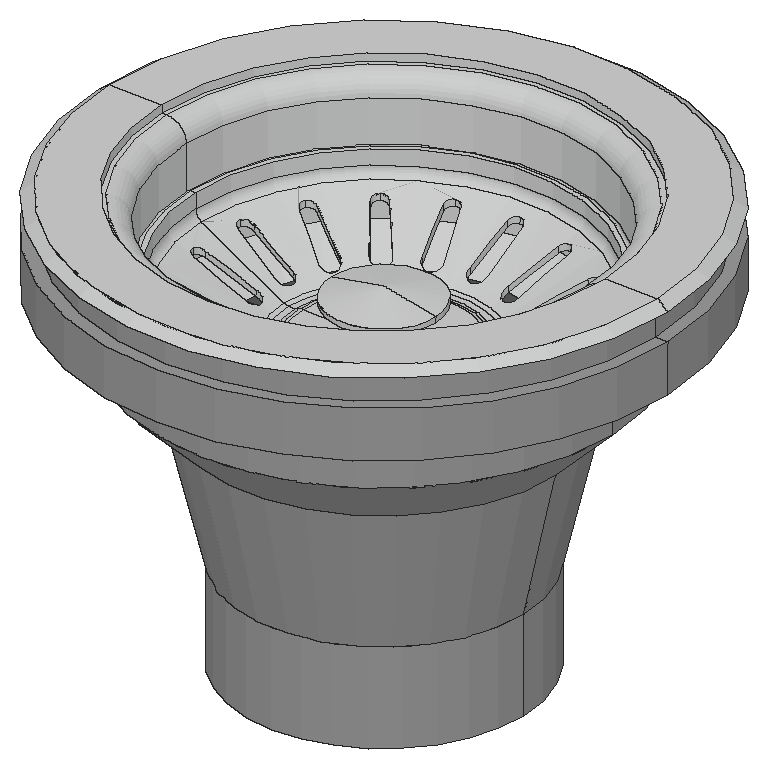
Revit family "ALMA-Angelo_Sink_Strainer", category Generic Models, Revit 2026
Family settings
  Can host rebar = No
  Round Connector Dimension = Use Diameter
  Part Type = Normal
  Work Plane-Based = No
  Always vertical = Yes
  Cut with Voids When Loaded = No
  Maintain Annotation Orientation = No
  Shared = No
  Room Calculation Point = No
Parameters
  Width = 115 mm
  Tailpiece_Material = BM_MATTE WHITE
  Strainer_Material = BM_CHROME
  Height = 85 mm
  Flange_Material = BM_MATTE BLACK
  Default Elevation = 0 mm
Reference planes
  plane 1 "Center (Front/Back)": y = 0
  plane 2: z = 0
  plane 3 "Center (Left/Right)": x = 0
  plane 4: z = 1.5
  plane 5: z = -83.5
  plane 6: x = -57.5
  plane 7: x = 57.5
  plane 8: y = 57.5
  plane 9: y = -57.5
  plane 10: y = 39.75
  plane 11: y = -39.75
  plane 12: x = 40
  plane 13: x = -40
Forms (mm)
  Revolve 1, solid, material "BM_MATTE WHITE" <- "Tailpiece_Material"
    sketch origin (0, 0, 0) x (1, 0, 0) y (0, 0, 1)
      loop
        line (-57.5, -5.5) -> (-57.5, -15) -> (-46.25, -15) -> (-46.25, -26.196) -> (-34.822, -37.623) -> (-28.232, -65.112) -> (-28.232, -83.5) -> (-26.732, -83.5) -> (-26.732, -64.935) -> (-33.462, -36.862) -> (-44.75, -25.574) -> (-44.75, -13.5) -> (-55, -13.5) -> (-55, -5.5) -> (-57.5, -5.5)
      axis (0, -83.5) -> (0, -5.5)
    angle from 0 to 360
  Revolve 2, solid, material "BM_MATTE BLACK" <- "Flange_Material"
    sketch origin (0, 0, 0) x (1, 0, 0) y (0, 0, 1)
      loop
        line (-52.5, -5.5) -> (-52.5, 0) -> (-55, 0) -> (-55, -5.5) -> (-52.5, -5.5)
      axis (0, -5.5) -> (0, 0)
    angle from 0 to 360
  Revolve 3, solid, material "BM_CHROME" <- "Strainer_Material"
    sketch origin (0, 0, 0) x (1, 0, 0) y (0, 0, 1)
      loop
        line (-44.844, 0) -> (-44.844, 1.5) -> (-55.358, 1.5) -> (-57.5, 0) -> (-44.844, 0)
      axis (0, 1.5) -> (0, 0)
    angle from 0 to 360
  Revolve 4, solid, material "BM_CHROME" <- "Strainer_Material"
    sketch origin (0, 0, 0) x (1, 0, 0) y (0, 0, 1)
      loop
        line (-41.5, -26.196) -> (-29.865, -37.623) -> (-13.75, -37.623) -> (-13.75, -36.123) -> (-29.247, -36.123) -> (-40, -25.574) -> (-40, -13.5) -> (-40, -3.878)
        arc (-40, -3.878) -> (-41.136, -1.136) -> (-43.878, 0) r 3.878
        line (-43.878, 0) -> (-45.362, 0) -> (-45.362, -1.5) -> (-43.878, -1.5)
        arc (-43.878, -1.5) -> (-42.196, -2.196) -> (-41.5, -3.878) r 2.378
        line (-41.5, -3.878) -> (-41.5, -13.5) -> (-41.5, -26.196)
      axis (0, -37.623) -> (0, 0)
    angle from 0 to 360
Text (mm)
  text "Refer to www.buildmat.com.au for the most current product literature. \nAllow a +/- 5mm tolerance for dimensions shown in the product literature. \nPlease note product details are subject to change due to ongoing product development." at (1.508, -179.138, 0), in view "Ref. Level"
Dimensions and locks
  "Height": plane 4 to plane 5
  "Width": plane 8 to plane 9
  equal spacing: plane 8, plane 1 "Center (Front/Back)", plane 9
  "Width": plane 6 to plane 7
  equal spacing: plane 6, plane 3 "Center (Left/Right)", plane 7
  plane 10 to plane 11 = 79.5 mm
  equal spacing: plane 10, plane 1 "Center (Front/Back)", plane 11
  equal spacing: plane 13, plane 3 "Center (Left/Right)", plane 12
  plane 13 to plane 12 = 80 mm
  aligned and locked: level to plane 2
Automatic sketch dimensions
  Revolve 1 sketch curve to plane 6 = 0 mm
  Revolve 1 sketch curve to plane 5 = 0 mm
  Revolve 1 sketch curve to plane 3 "Center (Left/Right)" = 0 mm
  plane 6 to Revolve 1 sketch curve = 2.5 mm
  plane 6 to Revolve 1 sketch curve = 11.25 mm
  Revolve 1 sketch curve to Revolve 1 sketch curve = 1.5 mm  (x3)
  Revolve 1 sketch curve to Revolve 1 sketch curve = 9.928 mm
  Revolve 1 sketch curve to Revolve 1 sketch curve = 1.36 mm
  Revolve 1 sketch curve to plane 3 "Center (Left/Right)" = 28.232 mm
  plane 5 to Revolve 1 sketch curve = 18.388 mm
  Revolve 1 sketch curve to Revolve 1 sketch curve = 0.177 mm
  Revolve 1 sketch curve to Revolve 1 sketch curve = 27.489 mm
  Revolve 1 sketch curve to Revolve 1 sketch curve = 0.761 mm
  Revolve 1 sketch curve to Revolve 1 sketch curve = 11.428 mm
  Revolve 1 sketch curve to Revolve 1 sketch curve = 0.621 mm
  Revolve 1 sketch curve to Revolve 1 sketch curve = 10.574 mm
  Revolve 1 sketch curve to level = 5.5 mm
  Revolve 1 sketch curve to plane 5 = 1.5 mm
  Revolve 1 sketch curve to level = 7 mm
  Revolve 2 sketch curve to level = 0 mm  (x2)
  Revolve 2 sketch curve to plane 3 "Center (Left/Right)" = 0 mm
  plane 6 to Revolve 2 sketch curve = 5 mm
  Revolve 2 sketch curve to Revolve 2 sketch curve = 2.5 mm
  Revolve 2 sketch curve to level = 5.5 mm  (x2)
  Revolve 3 sketch curve to level = 0 mm  (x2)
  Revolve 3 sketch curve to plane 6 = 0 mm
  Revolve 3 sketch curve to plane 4 = 0 mm
  Revolve 3 sketch curve to plane 3 "Center (Left/Right)" = 0 mm
  plane 6 to Revolve 3 sketch curve = 2.142 mm
  Revolve 3 sketch curve to Revolve 3 sketch curve = 10.514 mm
  Revolve 3 sketch curve to Revolve 3 sketch curve = 7 mm
  Revolve 4 sketch curve to Revolve 4 sketch curve = 0 mm  (x3)
  Revolve 4 sketch curve to level = 0 mm
  plane 13 to Revolve 4 sketch curve = 0 mm
  Revolve 4 sketch curve to plane 3 "Center (Left/Right)" = 0 mm
  Revolve 4 sketch curve to plane 4 = 0 mm
  plane 13 to Revolve 4 sketch curve = 1.5 mm
  Revolve 4 sketch curve to Revolve 4 sketch curve = 2.378 mm
  Revolve 4 sketch curve to Revolve 4 sketch curve = 1.485 mm
  Revolve 4 sketch curve to plane 13 = 10.135 mm
  Revolve 4 sketch curve to Revolve 4 sketch curve = 0.618 mm
  Revolve 4 sketch curve to plane 3 "Center (Left/Right)" = 13.75 mm
  Revolve 4 sketch curve to Revolve 4 sketch curve = 9.622 mm
  Revolve 4 sketch curve to Revolve 4 sketch curve = 12.074 mm
  Revolve 4 sketch curve to Revolve 4 sketch curve = 0.621 mm
  Revolve 4 sketch curve to Revolve 4 sketch curve = 10.549 mm
  Revolve 4 sketch curve to Revolve 4 sketch curve = 1.5 mm
  Revolve 4 sketch curve to Revolve 4 sketch curve = 2.377 mm
Nested families
  nested 1: "Angelo Sink Strainer-Chrome" at (0, 0, -13), type "CHROME"
Definition of nested family "Angelo Sink Strainer-Chrome"
  Parameters (values of type "CHROME")
    Strainer_Material = none
    SealRing_Material = none
    Default Elevation = 0 mm
  Reference planes
    plane 1 "Center (Front/Back)": y = 0
    plane 2: z = 0
    plane 3 "Center (Left/Right)": x = 0
    plane 4: x = -40
    plane 5: x = 40
    plane 6: z = 1
    plane 7: z = -2
    plane 8: z = -14
    plane 9: z = -18.324
    plane 10: z = -40.814
    plane 11: y = 40
    plane 12: y = -40
  Forms (mm)
    Revolve 1, solid, material <- "Strainer_Material"
      sketch origin (0, 0, 0) x (1, 0, 0) y (0, 0, 1)
        loop
          line (0, -14) -> (0, -12.513) -> (-16.254, -12.513)
          arc (-16.254, -12.513) -> (-16.716, -12.579) -> (-17.14, -12.772) r 1.644
          arc (-17.14, -12.772) -> (-17.513, -12.942) -> (-17.919, -13) r 1.445
          line (-17.919, -13) -> (-19.251, -13)
          arc (-19.251, -13) -> (-19.738, -12.941) -> (-20.197, -12.766) r 2.033
          line (-20.197, -12.766) -> (-36.931, -3.959)
          arc (-36.931, -3.959) -> (-37.759, -3.14) -> (-37.991, -2) r 2
          line (-37.991, -2) -> (-38.994, -2)
          arc (-38.994, -2) -> (-38.616, -3.658) -> (-37.397, -4.844) r 3
          line (-37.397, -4.844) -> (-20.356, -13.813)
          arc (-20.356, -13.813) -> (-19.988, -13.953) -> (-19.598, -14) r 1.626
          line (-19.598, -14) -> (0, -14)
        axis (0, -14) -> (0, -2)
      angle from 0 to 360
    Revolve 2, solid, material <- "Strainer_Material"
      sketch origin (0, 0, 0) x (1, 0, 0) y (0, 0, 1)
        loop
          line (-37.991, 1) -> (-38.96, 1)
          arc (-38.96, 1) -> (-39.689, 0.698) -> (-39.991, -0.032) r 1.032
          line (-39.991, -0.032) -> (-39.488, -2) -> (-37.991, -2) -> (-37.991, 1)
        axis (0, 1) -> (0, -2)
      angle from 0 to 360
    Revolve 3, solid, material <- "Strainer_Material"
      sketch origin (0, 0, 0) x (1, 0, 0) y (0, 0, 1)
        loop
          line (0, -2.513) -> (-10.5, -4.513) -> (-10.5, -5.513) -> (-4, -5.513) -> (-4, -10.513) -> (-5, -12.513) -> (0, -12.513) -> (0, -2.513)
        axis (0, -2.513) -> (0, -12.513)
      angle from 0 to 360
    Revolve 4, solid, material <- "SealRing_Material"
      sketch origin (0, 0, 0) x (1, 0, 0) y (0, 0, 1)
        loop
          line (0, -14) -> (-21, -14) -> (-21, -15) -> (-28, -15) -> (-28, -15.814) -> (-21, -15.814) -> (-21, -16.796) -> (-19, -16.796) -> (-19, -18.324) -> (-14, -18.324) -> (-14, -15.814) -> (0, -15.814) -> (0, -14)
        axis (0, -18.324) -> (0, -14)
      angle from 0 to 360
    Revolve 5, solid, material <- "Strainer_Material"
      sketch origin (0, 0, 2.51) x (1, 0, 0) y (0, 0, 1)
        loop
          line (0, -18.324) -> (-4, -18.324) -> (-4, -39.324)
          arc (-4, -39.324) -> (-2.828, -42.152) -> (0, -43.324) r 4
          line (0, -43.324) -> (0, -18.324)
        axis (0, -18.324) -> (0, -43.324)
      angle from 0 to 360
    Extrusion 6, void
      sketch origin (0, 0, 0) x (1, 0, 0) y (0, 1, 0)
        loop
          line (-1.558, 33.106) -> (-1.933, 24.06)
          arc (-1.933, 24.06) -> (-1.346, 22.581) -> (0.145, 22.028) r 1.955
          arc (0.145, 22.028) -> (1.448, 22.711) -> (1.931, 24.1) r 2
          line (1.931, 24.1) -> (1.559, 33.087)
          arc (1.559, 33.087) -> (1.071, 34.122) -> (-0.01, 34.496) r 1.473
          arc (-0.01, 34.496) -> (-1.077, 34.127) -> (-1.558, 33.106) r 1.453
      from -14 to 7.934
    Extrusion 7, void
      sketch origin (0, 0, 0) x (0.941511, 0.336983, 0) y (-0.336983, 0.941511, 0)
        loop
          line (-1.558, 33.106) -> (-1.933, 24.06)
          arc (-1.933, 24.06) -> (-1.346, 22.581) -> (0.145, 22.028) r 1.955
          arc (0.145, 22.028) -> (1.448, 22.711) -> (1.931, 24.1) r 2
          line (1.931, 24.1) -> (1.559, 33.087)
          arc (1.559, 33.087) -> (1.071, 34.122) -> (-0.01, 34.496) r 1.473
          arc (-0.01, 34.496) -> (-1.077, 34.127) -> (-1.558, 33.106) r 1.453
      from -14 to 7.934
    Extrusion 8, void
      sketch origin (0, 0, 0) x (0.939585, -0.342316, 0) y (0.342316, 0.939585, 0)
        loop
          line (-1.558, 33.106) -> (-1.933, 24.06)
          arc (-1.933, 24.06) -> (-1.346, 22.581) -> (0.145, 22.028) r 1.955
          arc (0.145, 22.028) -> (1.448, 22.711) -> (1.931, 24.1) r 2
          line (1.931, 24.1) -> (1.559, 33.087)
          arc (1.559, 33.087) -> (1.071, 34.122) -> (-0.01, 34.496) r 1.473
          arc (-0.01, 34.496) -> (-1.077, 34.127) -> (-1.558, 33.106) r 1.453
      from -14 to 7.934
    Extrusion 9, void
      sketch origin (0, 0, 0) x (0.765639, -0.64327, 0) y (0.64327, 0.765639, 0)
        loop
          line (-1.558, 33.106) -> (-1.933, 24.06)
          arc (-1.933, 24.06) -> (-1.346, 22.581) -> (0.145, 22.028) r 1.955
          arc (0.145, 22.028) -> (1.448, 22.711) -> (1.931, 24.1) r 2
          line (1.931, 24.1) -> (1.559, 33.087)
          arc (1.559, 33.087) -> (1.071, 34.122) -> (-0.01, 34.496) r 1.473
          arc (-0.01, 34.496) -> (-1.077, 34.127) -> (-1.558, 33.106) r 1.453
      from -14 to 7.934
    Extrusion 10, void
      sketch origin (0, 0, 0) x (0.499181, -0.866498, 0) y (0.866498, 0.499181, 0)
        loop
          line (-1.558, 33.106) -> (-1.933, 24.06)
          arc (-1.933, 24.06) -> (-1.346, 22.581) -> (0.145, 22.028) r 1.955
          arc (0.145, 22.028) -> (1.448, 22.711) -> (1.931, 24.1) r 2
          line (1.931, 24.1) -> (1.559, 33.087)
          arc (1.559, 33.087) -> (1.071, 34.122) -> (-0.01, 34.496) r 1.473
          arc (-0.01, 34.496) -> (-1.077, 34.127) -> (-1.558, 33.106) r 1.453
      from -14 to 7.934
    Extrusion 11, void
      sketch origin (0, 0, 0) x (0.172407, -0.985026, 0) y (0.985026, 0.172407, 0)
        loop
          line (-1.558, 33.106) -> (-1.933, 24.06)
          arc (-1.933, 24.06) -> (-1.346, 22.581) -> (0.145, 22.028) r 1.955
          arc (0.145, 22.028) -> (1.448, 22.711) -> (1.931, 24.1) r 2
          line (1.931, 24.1) -> (1.559, 33.087)
          arc (1.559, 33.087) -> (1.071, 34.122) -> (-0.01, 34.496) r 1.473
          arc (-0.01, 34.496) -> (-1.077, 34.127) -> (-1.558, 33.106) r 1.453
      from -14 to 7.934
    Extrusion 12, void
      sketch origin (0, 0, 0) x (-0.175199, -0.984533, 0) y (0.984533, -0.175199, 0)
        loop
          line (-1.558, 33.106) -> (-1.933, 24.06)
          arc (-1.933, 24.06) -> (-1.346, 22.581) -> (0.145, 22.028) r 1.955
          arc (0.145, 22.028) -> (1.448, 22.711) -> (1.931, 24.1) r 2
          line (1.931, 24.1) -> (1.559, 33.087)
          arc (1.559, 33.087) -> (1.071, 34.122) -> (-0.01, 34.496) r 1.473
          arc (-0.01, 34.496) -> (-1.077, 34.127) -> (-1.558, 33.106) r 1.453
      from -14 to 7.934
    Extrusion 13, void
      sketch origin (0, 0, 0) x (-0.501636, -0.865079, 0) y (0.865079, -0.501636, 0)
        loop
          line (-1.558, 33.106) -> (-1.933, 24.06)
          arc (-1.933, 24.06) -> (-1.346, 22.581) -> (0.145, 22.028) r 1.955
          arc (0.145, 22.028) -> (1.448, 22.711) -> (1.931, 24.1) r 2
          line (1.931, 24.1) -> (1.559, 33.087)
          arc (1.559, 33.087) -> (1.071, 34.122) -> (-0.01, 34.496) r 1.473
          arc (-0.01, 34.496) -> (-1.077, 34.127) -> (-1.558, 33.106) r 1.453
      from -14 to 7.934
    Extrusion 14, void
      sketch origin (0, 0, 0) x (-0.76746, -0.641097, 0) y (0.641097, -0.76746, 0)
        loop
          line (-1.558, 33.106) -> (-1.933, 24.06)
          arc (-1.933, 24.06) -> (-1.346, 22.581) -> (0.145, 22.028) r 1.955
          arc (0.145, 22.028) -> (1.448, 22.711) -> (1.931, 24.1) r 2
          line (1.931, 24.1) -> (1.559, 33.087)
          arc (1.559, 33.087) -> (1.071, 34.122) -> (-0.01, 34.496) r 1.473
          arc (-0.01, 34.496) -> (-1.077, 34.127) -> (-1.558, 33.106) r 1.453
      from -14 to 7.934
    Extrusion 15, void
      sketch origin (0, 0, 0) x (-0.940552, -0.339651, 0) y (0.339651, -0.940552, 0)
        loop
          line (-1.558, 33.106) -> (-1.933, 24.06)
          arc (-1.933, 24.06) -> (-1.346, 22.581) -> (0.145, 22.028) r 1.955
          arc (0.145, 22.028) -> (1.448, 22.711) -> (1.931, 24.1) r 2
          line (1.931, 24.1) -> (1.559, 33.087)
          arc (1.559, 33.087) -> (1.071, 34.122) -> (-0.01, 34.496) r 1.473
          arc (-0.01, 34.496) -> (-1.077, 34.127) -> (-1.558, 33.106) r 1.453
      from -14 to 7.934
    Extrusion 16, void
      sketch origin (0, 0, 0) x (-0.999996, 0.002835, 0) y (-0.002835, -0.999996, 0)
        loop
          line (-1.558, 33.106) -> (-1.933, 24.06)
          arc (-1.933, 24.06) -> (-1.346, 22.581) -> (0.145, 22.028) r 1.955
          arc (0.145, 22.028) -> (1.448, 22.711) -> (1.931, 24.1) r 2
          line (1.931, 24.1) -> (1.559, 33.087)
          arc (1.559, 33.087) -> (1.071, 34.122) -> (-0.01, 34.496) r 1.473
          arc (-0.01, 34.496) -> (-1.077, 34.127) -> (-1.558, 33.106) r 1.453
      from -14 to 7.934
    Extrusion 17, void
      sketch origin (0, 0, 0) x (-0.93861, 0.344979, 0) y (-0.344979, -0.93861, 0)
        loop
          line (-1.558, 33.106) -> (-1.933, 24.06)
          arc (-1.933, 24.06) -> (-1.346, 22.581) -> (0.145, 22.028) r 1.955
          arc (0.145, 22.028) -> (1.448, 22.711) -> (1.931, 24.1) r 2
          line (1.931, 24.1) -> (1.559, 33.087)
          arc (1.559, 33.087) -> (1.071, 34.122) -> (-0.01, 34.496) r 1.473
          arc (-0.01, 34.496) -> (-1.077, 34.127) -> (-1.558, 33.106) r 1.453
      from -14 to 7.934
    Extrusion 18, void
      sketch origin (0, 0, 0) x (-0.763812, 0.645438, 0) y (-0.645438, -0.763812, 0)
        loop
          line (-1.558, 33.106) -> (-1.933, 24.06)
          arc (-1.933, 24.06) -> (-1.346, 22.581) -> (0.145, 22.028) r 1.955
          arc (0.145, 22.028) -> (1.448, 22.711) -> (1.931, 24.1) r 2
          line (1.931, 24.1) -> (1.559, 33.087)
          arc (1.559, 33.087) -> (1.071, 34.122) -> (-0.01, 34.496) r 1.473
          arc (-0.01, 34.496) -> (-1.077, 34.127) -> (-1.558, 33.106) r 1.453
      from -14 to 7.934
    Extrusion 19, void
      sketch origin (0, 0, 0) x (-0.496722, 0.867909, 0) y (-0.867909, -0.496722, 0)
        loop
          line (-1.558, 33.106) -> (-1.933, 24.06)
          arc (-1.933, 24.06) -> (-1.346, 22.581) -> (0.145, 22.028) r 1.955
          arc (0.145, 22.028) -> (1.448, 22.711) -> (1.931, 24.1) r 2
          line (1.931, 24.1) -> (1.559, 33.087)
          arc (1.559, 33.087) -> (1.071, 34.122) -> (-0.01, 34.496) r 1.473
          arc (-0.01, 34.496) -> (-1.077, 34.127) -> (-1.558, 33.106) r 1.453
      from -14 to 7.934
    Extrusion 20, void
      sketch origin (0, 0, 0) x (-0.169613, 0.985511, 0) y (-0.985511, -0.169613, 0)
        loop
          line (-1.558, 33.106) -> (-1.933, 24.06)
          arc (-1.933, 24.06) -> (-1.346, 22.581) -> (0.145, 22.028) r 1.955
          arc (0.145, 22.028) -> (1.448, 22.711) -> (1.931, 24.1) r 2
          line (1.931, 24.1) -> (1.559, 33.087)
          arc (1.559, 33.087) -> (1.071, 34.122) -> (-0.01, 34.496) r 1.473
          arc (-0.01, 34.496) -> (-1.077, 34.127) -> (-1.558, 33.106) r 1.453
      from -14 to 7.934
    Extrusion 21, void
      sketch origin (0, 0, 0) x (0.17799, 0.984032, 0) y (-0.984032, 0.17799, 0)
        loop
          line (-1.558, 33.106) -> (-1.933, 24.06)
          arc (-1.933, 24.06) -> (-1.346, 22.581) -> (0.145, 22.028) r 1.955
          arc (0.145, 22.028) -> (1.448, 22.711) -> (1.931, 24.1) r 2
          line (1.931, 24.1) -> (1.559, 33.087)
          arc (1.559, 33.087) -> (1.071, 34.122) -> (-0.01, 34.496) r 1.473
          arc (-0.01, 34.496) -> (-1.077, 34.127) -> (-1.558, 33.106) r 1.453
      from -14 to 7.934
    Extrusion 22, void
      sketch origin (0, 0, 0) x (0.504087, 0.863653, 0) y (-0.863653, 0.504087, 0)
        loop
          line (-1.558, 33.106) -> (-1.933, 24.06)
          arc (-1.933, 24.06) -> (-1.346, 22.581) -> (0.145, 22.028) r 1.955
          arc (0.145, 22.028) -> (1.448, 22.711) -> (1.931, 24.1) r 2
          line (1.931, 24.1) -> (1.559, 33.087)
          arc (1.559, 33.087) -> (1.071, 34.122) -> (-0.01, 34.496) r 1.473
          arc (-0.01, 34.496) -> (-1.077, 34.127) -> (-1.558, 33.106) r 1.453
      from -14 to 7.934
    Extrusion 23, void
      sketch origin (0, 0, 0) x (0.769275, 0.638918, 0) y (-0.638918, 0.769275, 0)
        loop
          line (-1.558, 33.106) -> (-1.933, 24.06)
          arc (-1.933, 24.06) -> (-1.346, 22.581) -> (0.145, 22.028) r 1.955
          arc (0.145, 22.028) -> (1.448, 22.711) -> (1.931, 24.1) r 2
          line (1.931, 24.1) -> (1.559, 33.087)
          arc (1.559, 33.087) -> (1.071, 34.122) -> (-0.01, 34.496) r 1.473
          arc (-0.01, 34.496) -> (-1.077, 34.127) -> (-1.558, 33.106) r 1.453
      from -14 to 7.934
    SweptBlend 24, solid, not visible
      path origin (0, 0, 0) x (1, 0, 0) y (0, 0, 1)
        loop
          line (135, 0) -> (135, 18)
      profile origin (135, 0, 0) x (-1, 0, 0) y (0, -1, 0)
        loop
          arc (3.432, 51.32) -> (3.786, 51.467) -> (3.932, 51.82) r 0.5
          line (3.932, 51.82) -> (3.932, 68.82)
          arc (3.932, 68.82) -> (3.786, 69.174) -> (3.432, 69.32) r 0.5
          line (3.432, 69.32) -> (-3.588, 69.32)
          arc (-3.588, 69.32) -> (-3.941, 69.174) -> (-4.088, 68.82) r 0.5
          line (-4.088, 68.82) -> (-4.088, 51.82)
          arc (-4.088, 51.82) -> (-3.941, 51.467) -> (-3.588, 51.32) r 0.5
          line (-3.588, 51.32) -> (3.432, 51.32)
      end profile origin (135, 0, 18) x (-1, 0, 0) y (0, -1, 0)
        loop
          arc (3.412, 50.32) -> (4.473, 50.76) -> (4.912, 51.82) r 1.5
          line (4.912, 51.82) -> (4.912, 68.82)
          arc (4.912, 68.82) -> (4.473, 69.881) -> (3.412, 70.32) r 1.5
          line (3.412, 70.32) -> (-3.588, 70.32)
          arc (-3.588, 70.32) -> (-4.648, 69.881) -> (-5.088, 68.82) r 1.5
          line (-5.088, 68.82) -> (-5.088, 51.82)
          arc (-5.088, 51.82) -> (-4.648, 50.76) -> (-3.588, 50.32) r 1.5
          line (-3.588, 50.32) -> (3.412, 50.32)
    Extrusion 25, void, not visible
      sketch origin (0, 0, 0) x (1, 0, 0) y (0, 0, 1)
        loop
          line (133.5, 18) -> (133.5, 1.544) -> (136.5, 1.544) -> (136.5, 18) -> (133.5, 18)
      from 52.015 to 68.5
  Cuts and joins
    Extrusion 6, Extrusion 7, Extrusion 8, Extrusion 9, Extrusion 10, Extrusion 11, Extrusion 12, Extrusion 13, Extrusion 14, Extrusion 15, Extrusion 16, Extrusion 17, Extrusion 18, Extrusion 19, Extrusion 20, Extrusion 21, Extrusion 22, Extrusion 23 cuts Revolve 1
    Extrusion 7, Extrusion 8, Extrusion 9, Extrusion 10, Extrusion 11, Extrusion 12, Extrusion 13, Extrusion 14, Extrusion 15, Extrusion 16, Extrusion 17, Extrusion 18, Extrusion 19, Extrusion 20, Extrusion 21, Extrusion 22, Extrusion 23 cuts Revolve 2
    joined: Revolve 1, Revolve 2
  Text (mm)
    text "Refer to www.buildmat.com.au for the most current product literature. \nAllow a +/- 5mm tolerance for dimensions shown in the product literature. \nPlease note product details are subject to change due to ongoing product development." at (1.508, -87.628, 0), in view "Ref. Level"
  Dimensions and locks
    plane 5 to plane 4 = 80 mm
    plane 11 to plane 12 = 80 mm
    equal spacing: plane 11, plane 1 "Center (Front/Back)", plane 12
    plane 4 to plane 5 = 80 mm
    equal spacing: plane 4, plane 3 "Center (Left/Right)", plane 5
    equal spacing: plane 5, plane 3 "Center (Left/Right)", plane 4
    plane 6 to plane 10 = 41.814 mm
    aligned and locked: level to plane 2
  Automatic sketch dimensions
    Revolve 1 sketch curve to Revolve 1 sketch curve = 0 mm  (x3)
    Revolve 1 sketch curve to plane 7 = 0 mm
    Revolve 1 sketch curve to plane 3 "Center (Left/Right)" = 0 mm  (x2)
    Revolve 1 sketch curve to plane 6 = 0 mm
    Revolve 1 sketch curve to plane 8 = 0.157 mm
    Revolve 1 sketch curve to plane 3 "Center (Left/Right)" = 16.254 mm
    Revolve 1 sketch curve to Revolve 1 sketch curve = 1.664 mm
    Revolve 1 sketch curve to Revolve 1 sketch curve = 1.332 mm
    Revolve 1 sketch curve to Revolve 1 sketch curve = 0.348 mm
    plane 8 to Revolve 1 sketch curve = 0.187 mm
    Revolve 1 sketch curve to Revolve 1 sketch curve = 0.757 mm
    Revolve 1 sketch curve to plane 7 = 0.189 mm
    plane 4 to Revolve 1 sketch curve = 4 mm
    Revolve 1 sketch curve to Revolve 1 sketch curve = 0.931 mm
    Revolve 1 sketch curve to Revolve 1 sketch curve = 0.466 mm
    Revolve 2 sketch curve to plane 7 = 0 mm
    Revolve 2 sketch curve to plane 6 = 0 mm  (x2)
    Revolve 2 sketch curve to plane 3 "Center (Left/Right)" = 0 mm
    plane 4 to Revolve 2 sketch curve = 2.009 mm
    Revolve 2 sketch curve to Revolve 2 sketch curve = 0.968 mm
    plane 4 to Revolve 2 sketch curve = 0.512 mm
    plane 4 to Revolve 2 sketch curve = 0.009 mm
    plane 8 to Revolve 2 sketch curve = 0 mm
    Revolve 3 sketch curve to plane 3 "Center (Left/Right)" = 0 mm  (x2)
    Revolve 3 sketch curve to plane 3 "Center (Left/Right)" = 4 mm
    Revolve 3 sketch curve to Revolve 3 sketch curve = 1 mm
    Revolve 3 sketch curve to Revolve 3 sketch curve = 6.5 mm
    Revolve 4 sketch curve to plane 8 = 0 mm  (x2)
    Revolve 4 sketch curve to plane 9 = 0 mm  (x2)
    Revolve 4 sketch curve to plane 3 "Center (Left/Right)" = 0 mm  (x2)
    Revolve 4 sketch curve to plane 3 "Center (Left/Right)" = 14 mm
    Revolve 4 sketch curve to Revolve 4 sketch curve = 5 mm
    Revolve 4 sketch curve to Revolve 4 sketch curve = 2 mm
    Revolve 4 sketch curve to Revolve 4 sketch curve = 0 mm
    Revolve 4 sketch curve to Revolve 4 sketch curve = 7 mm
    Revolve 4 sketch curve to Revolve 4 sketch curve = 0.982 mm
    Revolve 5 sketch curve to plane 3 "Center (Left/Right)" = 0 mm  (x2)
    Revolve 5 sketch curve to plane 10 = 0 mm  (x2)
    Revolve 5 sketch curve to Revolve 5 sketch curve = 0 mm
    Revolve 1 sketch curve to Revolve 1 sketch curve = 1.003 mm
    Revolve 3 sketch curve to plane 7 = 0.513 mm
    Revolve 3 sketch curve to Revolve 3 sketch curve = 0 mm  (x2)
    Revolve 1 sketch curve to Revolve 1 sketch curve = 1.991 mm
    plane 8 to Revolve 1 sketch curve = 1.234 mm
    Revolve 1 sketch curve to Revolve 1 sketch curve = 0.599 mm
    plane 8 to Revolve 1 sketch curve = 0 mm
    Revolve 1 sketch curve to Revolve 1 sketch curve = 0.626 mm
    plane 8 to Revolve 1 sketch curve = 1.487 mm
    Revolve 1 sketch curve to Revolve 1 sketch curve = 1.445 mm
    Revolve 3 sketch curve to plane 7 = 2.513 mm
    Revolve 3 sketch curve to plane 7 = 3.513 mm
    plane 8 to Revolve 3 sketch curve = 3.487 mm
    plane 8 to Revolve 3 sketch curve = 1.487 mm
    plane 9 to Revolve 4 sketch curve = 1.528 mm
    Revolve 4 sketch curve to plane 8 = 1.814 mm
    Revolve 4 sketch curve to Revolve 4 sketch curve = 0.814 mm
    Revolve 5 sketch curve to plane 8 = 1.814 mm
    Revolve 5 sketch curve to Revolve 5 sketch curve = 4 mm
